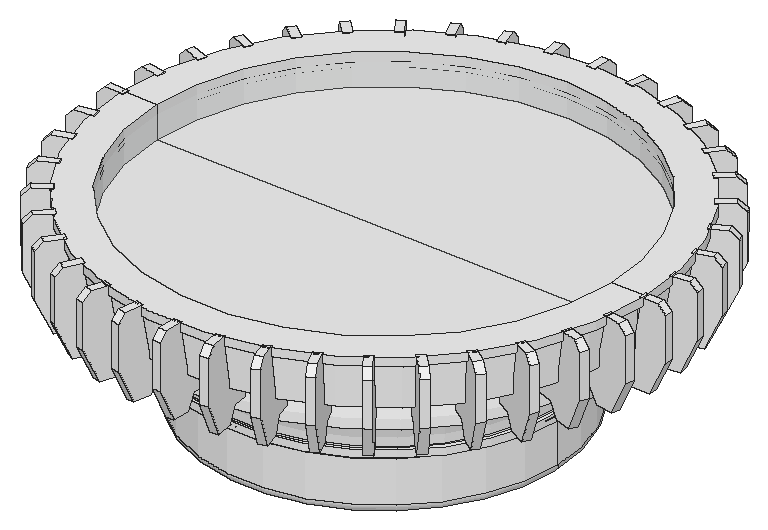
Revit family "HBLHO", category Lighting Fixtures, host Face, Revit 2021
Family settings
  Host = Face
  Round Connector Dimension = Use Diameter
  Part Type = Normal
  OmniClass Number = 23.80.70.14.14
  OmniClass Title = Exterior Floodlights
  Cut with Voids When Loaded = No
  Light Source = Yes
  Shared = No
  Room Calculation Point = No
Parameters
  Wattage Comments = "169W"  # constant formula
  Wattage = 112 W
  Watt = 169 W  # constant formula
  Warranty = "5 Year Warranty"
  built-in parameter 1150110 = 1 (stored number, unit not read)
  Voltage = 120 V
  URL = "https://www.currentlighting.com/columbialighting"
  built-in parameter 1114217 = 1 (stored number, unit not read)
  Tilt Angle = -90.00°
  built-in parameter 1150109 = 1 (stored number, unit not read)
  built-in parameter 1150134 = 2
  built-in parameter 1150113 = 1 (stored number, unit not read)
  Product Page URL = ""
  Product Documentation Link = ""
  Power Factor = 1
  Photometric Web File = "HBLHO72LUA25KN070WH.ies"
  Optics = "Narrow"
  Mounting Type = "Pendant, Wall, Ceiling, Stanchion, Cone"  # constant formula
  Model = "HBLHO"  # constant formula
  Material Finish = Paint -  White Texture
  Manufacturer = "Columbia Lighting"  # constant formula
  built-in parameter 1150105 = 811.05 (stored number, unit not read)
  Lumens = 10192 lm
  built-in parameter 1150115 = 1 (stored number, unit not read)
  Load Classification = Lighting
  built-in parameter 1150137 = (empty or 0)
  built-in parameter 1150139 = (empty or 0)
  built-in parameter 1150112 = 1 (stored number, unit not read)
  built-in parameter 1150114 = 1 (stored number, unit not read)
  Lamp = "LED"
  built-in parameter 1150132 = (empty or 0)
  built-in parameter 1150102 = (empty or 0)
  built-in parameter 1150107 = 5000 (stored number, unit not read)
  built-in parameter 1150138 = (empty or 0)
  built-in parameter 1150106 = 8.1105 (stored number, unit not read)
  IP Rating = "IP56"  # constant formula
  Glass = Glass
  Fastners = Paint -Light Silver
  Environmental Conditions = "Corrosive, Damp Location, Wet Location"  # constant formula
  Emit from Circle Diameter = 11.000"
  Emit Shape Visible in Rendering = no
  built-in parameter 1150104 = 8.4542 (stored number, unit not read)
  Dimming Protocol = "0-10V"
  Dimming Lamp Color Temperature Shift = <None>
  Description = "The HBLHO LED High Bay is designed to efficiently light any large interior space such as heavy industrial settings, warehouses, gyms, churches, swimming pools/natatorium and shopping malls."  # constant formula
  Default Elevation = 48.000"
  Contact us = ""
  Color Filter = 16777215
  Certification = "UL Sanitation certified per NSF standards,CSA,Wet Listed,Damp Listed,IP Rated,Food Processing (NSF)"  # constant formula
  built-in parameter 1114218 = 1 (stored number, unit not read)
  built-in parameter 1150133 = 10 (stored number, unit not read)
  Application = "Convention Center, Gymnasiums, Heavy Industrial"  # constant formula
  Apparent Load = Watt / Power Factor  # 169 VA
Reference planes (in)
  plane 1 "Center (Front/Back)": y = 0
  plane 2: z = 0
  plane 3 "Center (Left/Right)": x = 0
  plane 4: z = 8
  plane 5: x = -7
  plane 6: x = 7
  plane 7: y = 1
  plane 8: y = -1
  plane 9: x = -5.5
  plane 10: x = 5.5
  plane 11: z = 13
Dimensions and locks (in)
  plane 4 to plane 2 = 8.000"
  equal spacing: plane 7, plane 1 "Center (Front/Back)", plane 8
  locked: plane 7 to plane 8 at 2
  equal spacing: plane 6, plane 3 "Center (Left/Right)", plane 5, locked at 7 each
  plane 6 to plane 5 = 14.000"
  plane 10 to plane 9 = 11.000"
  aligned and locked: plane 2 to host face
  aligned and locked: level to host face
  aligned and locked: nested 1 to plane 3 "Center (Left/Right)"
  aligned and locked: nested 1 to plane 1 "Center (Front/Back)"
  aligned and locked: plane 3 "Center (Left/Right)" to imposter light
  aligned and locked: imposter light to plane 1 "Center (Front/Back)"
Automatic sketch dimensions
  host sketch curve to host sketch curve = 96.000"  (x2)
Nested families (in)
  nested 1: "KHL" at (0, 0, 7.25) x (-1, 0, 0) z (0, 0, 1), type "KHL"
Connectors (in)
  electrical at (0, 0, 7.25), driven by "Load Classification", driven by "Voltage", driven by "Apparent Load", driven by "Power Factor"
    settings: on nested 1, index 1, voltage 120 V, apparent load 169 VA, apparent load phase1 0 VA, apparent load phase2 0 VA, apparent load phase3 0 VA, power factor 1, load classification "Lighting", number of poles 1, system type 30, power factor state 1, is connector primary yes, connector utility no, sub classification motor no, connector description "Lighting Connector"
Definition of nested family "KHL"
  Parameters
    Wattage Comments = ""
    URL = ""
    Model = ""
    Material Finish = none
    Manufacturer = ""
    Lamp = ""
    IES FILE LINK = ""
    Glass = none
    Description = ""
    Default Elevation = 48.000"
    Apparent Load = 0 VA
  Reference planes (in)
    plane 1 "Center (Front/Back)": y = 0
    plane 2: z = 0
    plane 3 "Center (Left/Right)": x = 0
    plane 4: z = 6
    plane 5: x = -7.25
    plane 6: x = 7.25
    plane 7: x = -5.5
    plane 8: x = 5.5
    plane 9: x = -9
    plane 10: x = 9
    plane 11: y = -9
    plane 12: y = 9
    plane 13: x = -9
    plane 14: x = 9
    plane 15: through (-8.8892, 1.40791, -18.06561) normal (-0.9877, 0.1564, 0)
    plane 16: through (8.8892, -1.40791, -18.06561) normal (-0.9877, 0.1564, 0)
    plane 17: through (-8.55951, 2.78115, -18.06561) normal (-0.9511, 0.309, 0)
    plane 18: through (8.55951, -2.78115, -18.06561) normal (-0.9511, 0.309, 0)
    plane 19: through (-8.01906, 4.08591, -18.06561) normal (-0.891, 0.454, 0)
    plane 20: through (8.01906, -4.08591, -18.06561) normal (-0.891, 0.454, 0)
    plane 21: through (-7.28115, 5.29007, -18.06561) normal (-0.809, 0.5878, 0)
    plane 22: through (7.28115, -5.29007, -18.06561) normal (-0.809, 0.5878, 0)
    plane 23: through (-6.36396, 6.36396, -18.06561) normal (-0.7071, 0.7071, 0)
    plane 24: through (6.36396, -6.36396, -18.06561) normal (-0.7071, 0.7071, 0)
    plane 25: through (-5.29007, 7.28115, -18.06561) normal (-0.5878, 0.809, 0)
    plane 26: through (5.29007, -7.28115, -18.06561) normal (-0.5878, 0.809, 0)
    plane 27: through (-4.08591, 8.01906, -18.06561) normal (-0.454, 0.891, 0)
    plane 28: through (4.08591, -8.01906, -18.06561) normal (-0.454, 0.891, 0)
    plane 29: through (-2.78115, 8.55951, -18.06561) normal (-0.309, 0.9511, 0)
    plane 30: through (2.78115, -8.55951, -18.06561) normal (-0.309, 0.9511, 0)
    plane 31: through (-1.40791, 8.8892, -18.06561) normal (-0.1564, 0.9877, 0)
    plane 32: through (1.40791, -8.8892, -18.06561) normal (-0.1564, 0.9877, 0)
    plane 33: y = 9
    plane 34: y = -9
    plane 35: through (1.40791, 8.8892, -18.06561) normal (0.1564, 0.9877, 0)
    plane 36: through (-1.40791, -8.8892, -18.06561) normal (0.1564, 0.9877, 0)
    plane 37: through (2.78115, 8.55951, -18.06561) normal (0.309, 0.9511, 0)
    plane 38: through (-2.78115, -8.55951, -18.06561) normal (0.309, 0.9511, 0)
    plane 39: through (4.08591, 8.01906, -18.06561) normal (0.454, 0.891, 0)
    plane 40: through (-4.08591, -8.01906, -18.06561) normal (0.454, 0.891, 0)
    plane 41: through (5.29007, 7.28115, -18.06561) normal (0.5878, 0.809, 0)
    plane 42: through (-5.29007, -7.28115, -18.06561) normal (0.5878, 0.809, 0)
    plane 43: through (6.36396, 6.36396, -18.06561) normal (0.7071, 0.7071, 0)
    plane 44: through (-6.36396, -6.36396, -18.06561) normal (0.7071, 0.7071, 0)
    plane 45: through (7.28115, 5.29007, -18.06561) normal (0.809, 0.5878, 0)
    plane 46: through (-7.28115, -5.29007, -18.06561) normal (0.809, 0.5878, 0)
    plane 47: through (8.01906, 4.08591, -18.06561) normal (0.891, 0.454, 0)
    plane 48: through (-8.01906, -4.08591, -18.06561) normal (0.891, 0.454, 0)
    plane 49: through (8.55951, 2.78115, -18.06561) normal (0.9511, 0.309, 0)
    plane 50: through (-8.55951, -2.78115, -18.06561) normal (0.9511, 0.309, 0)
    plane 51: through (8.8892, 1.40791, -18.06561) normal (0.9877, 0.1564, 0)
    plane 52: through (-8.8892, -1.40791, -18.06561) normal (0.9877, 0.1564, 0)
    plane 53: x = 9
    plane 54: x = -9
    plane 55: through (8.8892, -1.40791, -18.06561) normal (0.9877, -0.1564, 0)
    plane 56: through (-8.8892, 1.40791, -18.06561) normal (0.9877, -0.1564, 0)
    plane 57: through (8.55951, -2.78115, -18.06561) normal (0.9511, -0.309, 0)
    plane 58: through (-8.55951, 2.78115, -18.06561) normal (0.9511, -0.309, 0)
    plane 59: through (8.01906, -4.08591, -18.06561) normal (0.891, -0.454, 0)
    plane 60: through (-8.01906, 4.08591, -18.06561) normal (0.891, -0.454, 0)
    plane 61: through (7.28115, -5.29007, -18.06561) normal (0.809, -0.5878, 0)
    plane 62: through (-7.28115, 5.29007, -18.06561) normal (0.809, -0.5878, 0)
    plane 63: through (6.36396, -6.36396, -18.06561) normal (0.7071, -0.7071, 0)
    plane 64: through (-6.36396, 6.36396, -18.06561) normal (0.7071, -0.7071, 0)
    plane 65: through (5.29007, -7.28115, -18.06561) normal (0.5878, -0.809, 0)
    plane 66: through (-5.29007, 7.28115, -18.06561) normal (0.5878, -0.809, 0)
    plane 67: through (4.08591, -8.01906, -18.06561) normal (0.454, -0.891, 0)
    plane 68: through (-4.08591, 8.01906, -18.06561) normal (0.454, -0.891, 0)
    plane 69: through (2.78115, -8.55951, -18.06561) normal (0.309, -0.9511, 0)
    plane 70: through (-2.78115, 8.55951, -18.06561) normal (0.309, -0.9511, 0)
    plane 71: through (1.40791, -8.8892, -18.06561) normal (0.1564, -0.9877, 0)
    plane 72: through (-1.40791, 8.8892, -18.06561) normal (0.1564, -0.9877, 0)
    plane 73: through (-1.40791, -8.8892, -18.06561) normal (-0.1564, -0.9877, 0)
    plane 74: through (1.40791, 8.8892, -18.06561) normal (-0.1564, -0.9877, 0)
    plane 75: through (-2.78115, -8.55951, -18.06561) normal (-0.309, -0.9511, 0)
    plane 76: through (2.78115, 8.55951, -18.06561) normal (-0.309, -0.9511, 0)
    plane 77: through (-4.08591, -8.01906, -18.06561) normal (-0.454, -0.891, 0)
    plane 78: through (4.08591, 8.01906, -18.06561) normal (-0.454, -0.891, 0)
    plane 79: through (-5.29007, -7.28115, -18.06561) normal (-0.5878, -0.809, 0)
    plane 80: through (5.29007, 7.28115, -18.06561) normal (-0.5878, -0.809, 0)
    plane 81: through (-6.36396, -6.36396, -18.06561) normal (-0.7071, -0.7071, 0)
    plane 82: through (6.36396, 6.36396, -18.06561) normal (-0.7071, -0.7071, 0)
    plane 83: through (-7.28115, -5.29007, -18.06561) normal (-0.809, -0.5878, 0)
    plane 84: through (7.28115, 5.29007, -18.06561) normal (-0.809, -0.5878, 0)
    plane 85: through (-8.01906, -4.08591, -18.06561) normal (-0.891, -0.454, 0)
    plane 86: through (8.01906, 4.08591, -18.06561) normal (-0.891, -0.454, 0)
    plane 87: through (-8.55951, -2.78115, -18.06561) normal (-0.9511, -0.309, 0)
    plane 88: through (8.55951, 2.78115, -18.06561) normal (-0.9511, -0.309, 0)
    plane 89: through (-8.8892, -1.40791, -18.06561) normal (-0.9877, -0.1564, 0)
    plane 90: through (8.8892, 1.40791, -18.06561) normal (-0.9877, -0.1564, 0)
  Forms (in)
    Extrusion 1, solid
      sketch origin (0, 0, 0) x (1, 0, 0) y (0, 1, 0)
        loop
          line (-48, 48) -> (-48, -48) -> (48, -48) -> (48, 48) -> (-48, 48)
      from 0 to -12
    Revolve 2, solid, material <- "Material Finish"
      sketch origin (0, 0, 0) x (1, 0, 0) y (0, 0, 1)
        loop
          line (5.5, 0.25) -> (5.5, 1.56868)
          arc (5.5, 1.56868) -> (5.55311, 1.69689) -> (5.68132, 1.75) r 0.18132
          line (5.68132, 1.75) -> (5.79677, 1.75) -> (5.79677, 1.97746) -> (5.6875, 1.97746) -> (5.6875, 2.0276)
          arc (5.6875, 2.0276) -> (6.08214, 2.98036) -> (7.0349, 3.375) r 1.3474
          line (7.0349, 3.375) -> (7.23385, 3.375)
          arc (7.23385, 3.375) -> (7.12959, 3.90778) -> (6.83219, 4.36196) r 1.4134
          line (6.83219, 4.36196) -> (6.83219, 4.43504) -> (8.03125, 4.43504) -> (8.03125, 5.74507) -> (8.28125, 5.74507) -> (8.28125, 6) -> (7.20302, 6) -> (7.20302, 5) -> (0, 5) -> (0, 0) -> (5.25, 0)
          arc (5.25, 0) -> (5.42678, 0.07322) -> (5.5, 0.25) r 0.25
        axis (0, 6) -> (0, 0)
      angle from 0 to 360
    Extrusion 3, solid, material <- "Glass"
      sketch origin (0, 0, 0) x (1, 0, 0) y (0, 1, 0)
        loop
          circle (0, 0) r 7.20302
      from 5.71977 to 5.56262
    Extrusion 4, solid, material <- "Material Finish"
      sketch origin (1.75, 0, 0) x (1, 0, 0) y (0, 0, 1)
        loop
          line (6.42821, 6) -> (6.42821, 5.59247) -> (6.23107, 4.59805) -> (5.43029, 4.59805) -> (5.43029, 3.78903) -> (5.9375, 3.78903) -> (6.1875, 3.35602) -> (6.75, 3.35602) -> (7.25, 4.38117) -> (7.25, 5.75) -> (7, 6) -> (6.42821, 6)
      from 0.125 to -0.125
    Extrusion 5, solid, material <- "Material Finish"
      sketch origin (1.72845, -0.27376, 0) x (0.987688, -0.156434, 0) y (0, 0, 1)
        loop
          line (6.42821, 6) -> (6.42821, 5.59247) -> (6.23107, 4.59805) -> (5.43029, 4.59805) -> (5.43029, 3.78903) -> (5.9375, 3.78903) -> (6.1875, 3.35602) -> (6.75, 3.35602) -> (7.25, 4.38117) -> (7.25, 5.75) -> (7, 6) -> (6.42821, 6)
      from 0.125 to -0.125
    Extrusion 6, solid, material <- "Material Finish"
      sketch origin (1.66435, -0.54078, 0) x (0.951057, -0.309017, 0) y (0, 0, 1)
        loop
          line (6.42821, 6) -> (6.42821, 5.59247) -> (6.23107, 4.59805) -> (5.43029, 4.59805) -> (5.43029, 3.78903) -> (5.9375, 3.78903) -> (6.1875, 3.35602) -> (6.75, 3.35602) -> (7.25, 4.38117) -> (7.25, 5.75) -> (7, 6) -> (6.42821, 6)
      from 0.125 to -0.125
    Extrusion 7, solid, material <- "Material Finish"
      sketch origin (1.55926, -0.79448, 0) x (0.891007, -0.45399, 0) y (0, 0, 1)
        loop
          line (6.42821, 6) -> (6.42821, 5.59247) -> (6.23107, 4.59805) -> (5.43029, 4.59805) -> (5.43029, 3.78903) -> (5.9375, 3.78903) -> (6.1875, 3.35602) -> (6.75, 3.35602) -> (7.25, 4.38117) -> (7.25, 5.75) -> (7, 6) -> (6.42821, 6)
      from 0.125 to -0.125
    Extrusion 8, solid, material <- "Material Finish"
      sketch origin (1.41578, -1.02862, 0) x (0.809017, -0.587785, 0) y (0, 0, 1)
        loop
          line (6.42821, 6) -> (6.42821, 5.59247) -> (6.23107, 4.59805) -> (5.43029, 4.59805) -> (5.43029, 3.78903) -> (5.9375, 3.78903) -> (6.1875, 3.35602) -> (6.75, 3.35602) -> (7.25, 4.38117) -> (7.25, 5.75) -> (7, 6) -> (6.42821, 6)
      from 0.125 to -0.125
    Extrusion 9, solid, material <- "Material Finish"
      sketch origin (1.23744, -1.23744, 0) x (0.707107, -0.707107, 0) y (0, 0, 1)
        loop
          line (6.42821, 6) -> (6.42821, 5.59247) -> (6.23107, 4.59805) -> (5.43029, 4.59805) -> (5.43029, 3.78903) -> (5.9375, 3.78903) -> (6.1875, 3.35602) -> (6.75, 3.35602) -> (7.25, 4.38117) -> (7.25, 5.75) -> (7, 6) -> (6.42821, 6)
      from 0.125 to -0.125
    Extrusion 10, solid, material <- "Material Finish"
      sketch origin (1.02862, -1.41578, 0) x (0.587785, -0.809017, 0) y (0, 0, 1)
        loop
          line (6.42821, 6) -> (6.42821, 5.59247) -> (6.23107, 4.59805) -> (5.43029, 4.59805) -> (5.43029, 3.78903) -> (5.9375, 3.78903) -> (6.1875, 3.35602) -> (6.75, 3.35602) -> (7.25, 4.38117) -> (7.25, 5.75) -> (7, 6) -> (6.42821, 6)
      from 0.125 to -0.125
    Extrusion 11, solid, material <- "Material Finish"
      sketch origin (0.79448, -1.55926, 0) x (0.45399, -0.891007, 0) y (0, 0, 1)
        loop
          line (6.42821, 6) -> (6.42821, 5.59247) -> (6.23107, 4.59805) -> (5.43029, 4.59805) -> (5.43029, 3.78903) -> (5.9375, 3.78903) -> (6.1875, 3.35602) -> (6.75, 3.35602) -> (7.25, 4.38117) -> (7.25, 5.75) -> (7, 6) -> (6.42821, 6)
      from 0.125 to -0.125
    Extrusion 12, solid, material <- "Material Finish"
      sketch origin (0.54078, -1.66435, 0) x (0.309017, -0.951057, 0) y (0, 0, 1)
        loop
          line (6.42821, 6) -> (6.42821, 5.59247) -> (6.23107, 4.59805) -> (5.43029, 4.59805) -> (5.43029, 3.78903) -> (5.9375, 3.78903) -> (6.1875, 3.35602) -> (6.75, 3.35602) -> (7.25, 4.38117) -> (7.25, 5.75) -> (7, 6) -> (6.42821, 6)
      from 0.125 to -0.125
    Extrusion 13, solid, material <- "Material Finish"
      sketch origin (0.27376, -1.72845, 0) x (0.156434, -0.987688, 0) y (0, 0, 1)
        loop
          line (6.42821, 6) -> (6.42821, 5.59247) -> (6.23107, 4.59805) -> (5.43029, 4.59805) -> (5.43029, 3.78903) -> (5.9375, 3.78903) -> (6.1875, 3.35602) -> (6.75, 3.35602) -> (7.25, 4.38117) -> (7.25, 5.75) -> (7, 6) -> (6.42821, 6)
      from 0.125 to -0.125
    Extrusion 14, solid, material <- "Material Finish"
      sketch origin (0, -1.75, 0) x (0, -1, 0) y (0, 0, 1)
        loop
          line (6.42821, 6) -> (6.42821, 5.59247) -> (6.23107, 4.59805) -> (5.43029, 4.59805) -> (5.43029, 3.78903) -> (5.9375, 3.78903) -> (6.1875, 3.35602) -> (6.75, 3.35602) -> (7.25, 4.38117) -> (7.25, 5.75) -> (7, 6) -> (6.42821, 6)
      from 0.125 to -0.125
    Extrusion 15, solid, material <- "Material Finish"
      sketch origin (-0.27376, -1.72845, 0) x (-0.156434, -0.987688, 0) y (0, 0, 1)
        loop
          line (6.42821, 6) -> (6.42821, 5.59247) -> (6.23107, 4.59805) -> (5.43029, 4.59805) -> (5.43029, 3.78903) -> (5.9375, 3.78903) -> (6.1875, 3.35602) -> (6.75, 3.35602) -> (7.25, 4.38117) -> (7.25, 5.75) -> (7, 6) -> (6.42821, 6)
      from 0.125 to -0.125
    Extrusion 16, solid, material <- "Material Finish"
      sketch origin (-0.54078, -1.66435, 0) x (-0.309017, -0.951057, 0) y (0, 0, 1)
        loop
          line (6.42821, 6) -> (6.42821, 5.59247) -> (6.23107, 4.59805) -> (5.43029, 4.59805) -> (5.43029, 3.78903) -> (5.9375, 3.78903) -> (6.1875, 3.35602) -> (6.75, 3.35602) -> (7.25, 4.38117) -> (7.25, 5.75) -> (7, 6) -> (6.42821, 6)
      from 0.125 to -0.125
    Extrusion 17, solid, material <- "Material Finish"
      sketch origin (-0.79448, -1.55926, 0) x (-0.45399, -0.891007, 0) y (0, 0, 1)
        loop
          line (6.42821, 6) -> (6.42821, 5.59247) -> (6.23107, 4.59805) -> (5.43029, 4.59805) -> (5.43029, 3.78903) -> (5.9375, 3.78903) -> (6.1875, 3.35602) -> (6.75, 3.35602) -> (7.25, 4.38117) -> (7.25, 5.75) -> (7, 6) -> (6.42821, 6)
      from 0.125 to -0.125
    Extrusion 18, solid, material <- "Material Finish"
      sketch origin (-1.02862, -1.41578, 0) x (-0.587785, -0.809017, 0) y (0, 0, 1)
        loop
          line (6.42821, 6) -> (6.42821, 5.59247) -> (6.23107, 4.59805) -> (5.43029, 4.59805) -> (5.43029, 3.78903) -> (5.9375, 3.78903) -> (6.1875, 3.35602) -> (6.75, 3.35602) -> (7.25, 4.38117) -> (7.25, 5.75) -> (7, 6) -> (6.42821, 6)
      from 0.125 to -0.125
    Extrusion 19, solid, material <- "Material Finish"
      sketch origin (-1.23744, -1.23744, 0) x (-0.707107, -0.707107, 0) y (0, 0, 1)
        loop
          line (6.42821, 6) -> (6.42821, 5.59247) -> (6.23107, 4.59805) -> (5.43029, 4.59805) -> (5.43029, 3.78903) -> (5.9375, 3.78903) -> (6.1875, 3.35602) -> (6.75, 3.35602) -> (7.25, 4.38117) -> (7.25, 5.75) -> (7, 6) -> (6.42821, 6)
      from 0.125 to -0.125
    Extrusion 20, solid, material <- "Material Finish"
      sketch origin (-1.41578, -1.02862, 0) x (-0.809017, -0.587785, 0) y (0, 0, 1)
        loop
          line (6.42821, 6) -> (6.42821, 5.59247) -> (6.23107, 4.59805) -> (5.43029, 4.59805) -> (5.43029, 3.78903) -> (5.9375, 3.78903) -> (6.1875, 3.35602) -> (6.75, 3.35602) -> (7.25, 4.38117) -> (7.25, 5.75) -> (7, 6) -> (6.42821, 6)
      from 0.125 to -0.125
    Extrusion 21, solid, material <- "Material Finish"
      sketch origin (-1.55926, -0.79448, 0) x (-0.891007, -0.45399, 0) y (0, 0, 1)
        loop
          line (6.42821, 6) -> (6.42821, 5.59247) -> (6.23107, 4.59805) -> (5.43029, 4.59805) -> (5.43029, 3.78903) -> (5.9375, 3.78903) -> (6.1875, 3.35602) -> (6.75, 3.35602) -> (7.25, 4.38117) -> (7.25, 5.75) -> (7, 6) -> (6.42821, 6)
      from 0.125 to -0.125
    Extrusion 22, solid, material <- "Material Finish"
      sketch origin (-1.66435, -0.54078, 0) x (-0.951057, -0.309017, 0) y (0, 0, 1)
        loop
          line (6.42821, 6) -> (6.42821, 5.59247) -> (6.23107, 4.59805) -> (5.43029, 4.59805) -> (5.43029, 3.78903) -> (5.9375, 3.78903) -> (6.1875, 3.35602) -> (6.75, 3.35602) -> (7.25, 4.38117) -> (7.25, 5.75) -> (7, 6) -> (6.42821, 6)
      from 0.125 to -0.125
    Extrusion 23, solid, material <- "Material Finish"
      sketch origin (-1.72845, -0.27376, 0) x (-0.987688, -0.156434, 0) y (0, 0, 1)
        loop
          line (6.42821, 6) -> (6.42821, 5.59247) -> (6.23107, 4.59805) -> (5.43029, 4.59805) -> (5.43029, 3.78903) -> (5.9375, 3.78903) -> (6.1875, 3.35602) -> (6.75, 3.35602) -> (7.25, 4.38117) -> (7.25, 5.75) -> (7, 6) -> (6.42821, 6)
      from 0.125 to -0.125
    Extrusion 24, solid, material <- "Material Finish"
      sketch origin (-1.75, 0, 0) x (-1, 0, 0) y (0, 0, 1)
        loop
          line (6.42821, 6) -> (6.42821, 5.59247) -> (6.23107, 4.59805) -> (5.43029, 4.59805) -> (5.43029, 3.78903) -> (5.9375, 3.78903) -> (6.1875, 3.35602) -> (6.75, 3.35602) -> (7.25, 4.38117) -> (7.25, 5.75) -> (7, 6) -> (6.42821, 6)
      from 0.125 to -0.125
    Extrusion 25, solid, material <- "Material Finish"
      sketch origin (-1.72845, 0.27376, 0) x (-0.987688, 0.156434, 0) y (0, 0, 1)
        loop
          line (6.42821, 6) -> (6.42821, 5.59247) -> (6.23107, 4.59805) -> (5.43029, 4.59805) -> (5.43029, 3.78903) -> (5.9375, 3.78903) -> (6.1875, 3.35602) -> (6.75, 3.35602) -> (7.25, 4.38117) -> (7.25, 5.75) -> (7, 6) -> (6.42821, 6)
      from 0.125 to -0.125
    Extrusion 26, solid, material <- "Material Finish"
      sketch origin (-1.66435, 0.54078, 0) x (-0.951057, 0.309017, 0) y (0, 0, 1)
        loop
          line (6.42821, 6) -> (6.42821, 5.59247) -> (6.23107, 4.59805) -> (5.43029, 4.59805) -> (5.43029, 3.78903) -> (5.9375, 3.78903) -> (6.1875, 3.35602) -> (6.75, 3.35602) -> (7.25, 4.38117) -> (7.25, 5.75) -> (7, 6) -> (6.42821, 6)
      from 0.125 to -0.125
    Extrusion 27, solid, material <- "Material Finish"
      sketch origin (-1.55926, 0.79448, 0) x (-0.891007, 0.45399, 0) y (0, 0, 1)
        loop
          line (6.42821, 6) -> (6.42821, 5.59247) -> (6.23107, 4.59805) -> (5.43029, 4.59805) -> (5.43029, 3.78903) -> (5.9375, 3.78903) -> (6.1875, 3.35602) -> (6.75, 3.35602) -> (7.25, 4.38117) -> (7.25, 5.75) -> (7, 6) -> (6.42821, 6)
      from 0.125 to -0.125
    Extrusion 28, solid, material <- "Material Finish"
      sketch origin (-1.41578, 1.02862, 0) x (-0.809017, 0.587785, 0) y (0, 0, 1)
        loop
          line (6.42821, 6) -> (6.42821, 5.59247) -> (6.23107, 4.59805) -> (5.43029, 4.59805) -> (5.43029, 3.78903) -> (5.9375, 3.78903) -> (6.1875, 3.35602) -> (6.75, 3.35602) -> (7.25, 4.38117) -> (7.25, 5.75) -> (7, 6) -> (6.42821, 6)
      from 0.125 to -0.125
    Extrusion 29, solid, material <- "Material Finish"
      sketch origin (-1.23744, 1.23744, 0) x (-0.707107, 0.707107, 0) y (0, 0, 1)
        loop
          line (6.42821, 6) -> (6.42821, 5.59247) -> (6.23107, 4.59805) -> (5.43029, 4.59805) -> (5.43029, 3.78903) -> (5.9375, 3.78903) -> (6.1875, 3.35602) -> (6.75, 3.35602) -> (7.25, 4.38117) -> (7.25, 5.75) -> (7, 6) -> (6.42821, 6)
      from 0.125 to -0.125
    Extrusion 30, solid, material <- "Material Finish"
      sketch origin (-1.02862, 1.41578, 0) x (-0.587785, 0.809017, 0) y (0, 0, 1)
        loop
          line (6.42821, 6) -> (6.42821, 5.59247) -> (6.23107, 4.59805) -> (5.43029, 4.59805) -> (5.43029, 3.78903) -> (5.9375, 3.78903) -> (6.1875, 3.35602) -> (6.75, 3.35602) -> (7.25, 4.38117) -> (7.25, 5.75) -> (7, 6) -> (6.42821, 6)
      from 0.125 to -0.125
    Extrusion 31, solid, material <- "Material Finish"
      sketch origin (-0.79448, 1.55926, 0) x (-0.45399, 0.891007, 0) y (0, 0, 1)
        loop
          line (6.42821, 6) -> (6.42821, 5.59247) -> (6.23107, 4.59805) -> (5.43029, 4.59805) -> (5.43029, 3.78903) -> (5.9375, 3.78903) -> (6.1875, 3.35602) -> (6.75, 3.35602) -> (7.25, 4.38117) -> (7.25, 5.75) -> (7, 6) -> (6.42821, 6)
      from 0.125 to -0.125
    Extrusion 32, solid, material <- "Material Finish"
      sketch origin (-0.54078, 1.66435, 0) x (-0.309017, 0.951057, 0) y (0, 0, 1)
        loop
          line (6.42821, 6) -> (6.42821, 5.59247) -> (6.23107, 4.59805) -> (5.43029, 4.59805) -> (5.43029, 3.78903) -> (5.9375, 3.78903) -> (6.1875, 3.35602) -> (6.75, 3.35602) -> (7.25, 4.38117) -> (7.25, 5.75) -> (7, 6) -> (6.42821, 6)
      from 0.125 to -0.125
    Extrusion 33, solid, material <- "Material Finish"
      sketch origin (-0.27376, 1.72845, 0) x (-0.156434, 0.987688, 0) y (0, 0, 1)
        loop
          line (6.42821, 6) -> (6.42821, 5.59247) -> (6.23107, 4.59805) -> (5.43029, 4.59805) -> (5.43029, 3.78903) -> (5.9375, 3.78903) -> (6.1875, 3.35602) -> (6.75, 3.35602) -> (7.25, 4.38117) -> (7.25, 5.75) -> (7, 6) -> (6.42821, 6)
      from 0.125 to -0.125
    Extrusion 34, solid, material <- "Material Finish"
      sketch origin (0, 1.75, 0) x (0, 1, 0) y (0, 0, 1)
        loop
          line (6.42821, 6) -> (6.42821, 5.59247) -> (6.23107, 4.59805) -> (5.43029, 4.59805) -> (5.43029, 3.78903) -> (5.9375, 3.78903) -> (6.1875, 3.35602) -> (6.75, 3.35602) -> (7.25, 4.38117) -> (7.25, 5.75) -> (7, 6) -> (6.42821, 6)
      from 0.125 to -0.125
    Extrusion 35, solid, material <- "Material Finish"
      sketch origin (0.27376, 1.72845, 0) x (0.156434, 0.987688, 0) y (0, 0, 1)
        loop
          line (6.42821, 6) -> (6.42821, 5.59247) -> (6.23107, 4.59805) -> (5.43029, 4.59805) -> (5.43029, 3.78903) -> (5.9375, 3.78903) -> (6.1875, 3.35602) -> (6.75, 3.35602) -> (7.25, 4.38117) -> (7.25, 5.75) -> (7, 6) -> (6.42821, 6)
      from 0.125 to -0.125
    Extrusion 36, solid, material <- "Material Finish"
      sketch origin (0.54078, 1.66435, 0) x (0.309017, 0.951057, 0) y (0, 0, 1)
        loop
          line (6.42821, 6) -> (6.42821, 5.59247) -> (6.23107, 4.59805) -> (5.43029, 4.59805) -> (5.43029, 3.78903) -> (5.9375, 3.78903) -> (6.1875, 3.35602) -> (6.75, 3.35602) -> (7.25, 4.38117) -> (7.25, 5.75) -> (7, 6) -> (6.42821, 6)
      from 0.125 to -0.125
    Extrusion 37, solid, material <- "Material Finish"
      sketch origin (0.79448, 1.55926, 0) x (0.45399, 0.891007, 0) y (0, 0, 1)
        loop
          line (6.42821, 6) -> (6.42821, 5.59247) -> (6.23107, 4.59805) -> (5.43029, 4.59805) -> (5.43029, 3.78903) -> (5.9375, 3.78903) -> (6.1875, 3.35602) -> (6.75, 3.35602) -> (7.25, 4.38117) -> (7.25, 5.75) -> (7, 6) -> (6.42821, 6)
      from 0.125 to -0.125
    Extrusion 38, solid, material <- "Material Finish"
      sketch origin (1.02862, 1.41578, 0) x (0.587785, 0.809017, 0) y (0, 0, 1)
        loop
          line (6.42821, 6) -> (6.42821, 5.59247) -> (6.23107, 4.59805) -> (5.43029, 4.59805) -> (5.43029, 3.78903) -> (5.9375, 3.78903) -> (6.1875, 3.35602) -> (6.75, 3.35602) -> (7.25, 4.38117) -> (7.25, 5.75) -> (7, 6) -> (6.42821, 6)
      from 0.125 to -0.125
    Extrusion 39, solid, material <- "Material Finish"
      sketch origin (1.23744, 1.23744, 0) x (0.707107, 0.707107, 0) y (0, 0, 1)
        loop
          line (6.42821, 6) -> (6.42821, 5.59247) -> (6.23107, 4.59805) -> (5.43029, 4.59805) -> (5.43029, 3.78903) -> (5.9375, 3.78903) -> (6.1875, 3.35602) -> (6.75, 3.35602) -> (7.25, 4.38117) -> (7.25, 5.75) -> (7, 6) -> (6.42821, 6)
      from 0.125 to -0.125
    Extrusion 40, solid, material <- "Material Finish"
      sketch origin (1.41578, 1.02862, 0) x (0.809017, 0.587785, 0) y (0, 0, 1)
        loop
          line (6.42821, 6) -> (6.42821, 5.59247) -> (6.23107, 4.59805) -> (5.43029, 4.59805) -> (5.43029, 3.78903) -> (5.9375, 3.78903) -> (6.1875, 3.35602) -> (6.75, 3.35602) -> (7.25, 4.38117) -> (7.25, 5.75) -> (7, 6) -> (6.42821, 6)
      from 0.125 to -0.125
    Extrusion 41, solid, material <- "Material Finish"
      sketch origin (1.55926, 0.79448, 0) x (0.891007, 0.45399, 0) y (0, 0, 1)
        loop
          line (6.42821, 6) -> (6.42821, 5.59247) -> (6.23107, 4.59805) -> (5.43029, 4.59805) -> (5.43029, 3.78903) -> (5.9375, 3.78903) -> (6.1875, 3.35602) -> (6.75, 3.35602) -> (7.25, 4.38117) -> (7.25, 5.75) -> (7, 6) -> (6.42821, 6)
      from 0.125 to -0.125
    Extrusion 42, solid, material <- "Material Finish"
      sketch origin (1.66435, 0.54078, 0) x (0.951057, 0.309017, 0) y (0, 0, 1)
        loop
          line (6.42821, 6) -> (6.42821, 5.59247) -> (6.23107, 4.59805) -> (5.43029, 4.59805) -> (5.43029, 3.78903) -> (5.9375, 3.78903) -> (6.1875, 3.35602) -> (6.75, 3.35602) -> (7.25, 4.38117) -> (7.25, 5.75) -> (7, 6) -> (6.42821, 6)
      from 0.125 to -0.125
    Extrusion 43, solid, material <- "Material Finish"
      sketch origin (1.72845, 0.27376, 0) x (0.987688, 0.156434, 0) y (0, 0, 1)
        loop
          line (6.42821, 6) -> (6.42821, 5.59247) -> (6.23107, 4.59805) -> (5.43029, 4.59805) -> (5.43029, 3.78903) -> (5.9375, 3.78903) -> (6.1875, 3.35602) -> (6.75, 3.35602) -> (7.25, 4.38117) -> (7.25, 5.75) -> (7, 6) -> (6.42821, 6)
      from 0.125 to -0.125
  Lines and regions (in)
    reference lines
      curve 1: line (5.95302, 0, 4.75) -> (0, 0, 4.75)
      curve 2: line (5.95302, 0, 5.92266) -> (5.95302, 0, 4.75)
      curve 3: line (6.59375, 0, 5.37007) -> (6.59375, 0, 5.92266)
      curve 4: line (6.34375, 0, 5.37007) -> (6.59375, 0, 5.37007)
      curve 5: line (6.34375, 0, 4.37254) -> (5.5, 0, 4.37254)
      curve 6: line (6.34375, 0, 4.37254) -> (6.34375, 0, 5.37007)
      curve 7: arc (6.25, 0, 2.75) -> (6.14885, 0, 3.28681) -> (5.85927, 0, 3.75) r 1.47501
      curve 8: line (5.85927, 0, 2.75) -> (6.25, 0, 2.75)
      curve 9: line (5.85927, 0, 2.75) -> (5.85927, 0, 1.75)
      curve 10: line (5.85927, 0, 1.75) -> (4.74529, 0, 1.75)
      curve 11: line (5.85927, 0, 3.75) -> (4.8978, 0, 3.75)
      curve 12: line (5.10824, 0, 5.71977) -> (6.99125, 0, 5.71977)
  Dimensions and locks (in)
    locked: plane 4 to plane 2 at 6
    equal spacing: plane 6, plane 3 "Center (Left/Right)", plane 5
    equal spacing: plane 8, plane 3 "Center (Left/Right)", plane 7, locked at 5.5 each
    plane 4 to plane 2 = 6.000"
    aligned and locked: plane 2 to Extrusion 1
    aligned and locked: level to Extrusion 1
    aligned and locked: Revolve 2 sketch curve to plane 2
    aligned and locked: Extrusion 3 sketch curve to Revolve 2
    aligned and locked: curve 10 to Revolve 2 sketch curve
  Automatic sketch dimensions
    Extrusion 1 sketch curve to Extrusion 1 sketch curve = 96.000"  (x2)
    curve 1 to plane 3 "Center (Left/Right)" = 0.000"
    plane 8 to curve 5 = 0.000"
    plane 8 to curve 10 = 0.75471"
    plane 8 to curve 7 = 0.72501"
    plane 8 to curve 11 = 0.6022"
    plane 8 to curve 12 = 0.39176"
    curve 11 to plane 8 = 0.35927"
    curve 8 to plane 8 = 0.35927"
    curve 2 to plane 4 = 0.07734"
    curve 2 to plane 8 = 0.45302"
    curve 8 to curve 8 = 0.39073"
    curve 1 to curve 6 = 0.39073"
    curve 4 to curve 4 = 0.250"
    plane 6 to curve 12 = 0.25875"
    curve 12 to plane 4 = 0.28023"
    curve 6 to plane 4 = 0.62993"
    curve 2 to curve 4 = 0.62007"
    curve 5 to curve 1 = 0.37746"
    curve 11 to curve 5 = 0.62254"
    curve 9 to curve 8 = 1.000"
    curve 3 to plane 4 = 0.07734"
    Extrusion 4 sketch curve to Extrusion 4 sketch curve = 0.50721"
    Extrusion 4 sketch curve to Extrusion 4 sketch curve = 0.250"  (x3)
    Extrusion 4 sketch curve to Extrusion 4 sketch curve = 0.80078"
    Extrusion 4 sketch curve to Extrusion 4 sketch curve = 0.19714"
    Extrusion 4 sketch curve to Extrusion 4 sketch curve = 0.5625"
    Extrusion 4 sketch curve to Extrusion 4 sketch curve = 0.57179"
    Extrusion 4 sketch curve to Extrusion 4 sketch curve = 0.43301"
    Extrusion 4 sketch curve to Extrusion 4 sketch curve = 1.02515"
    Extrusion 4 sketch curve to Extrusion 4 sketch curve = 0.80901"
    Extrusion 4 sketch curve to Extrusion 4 sketch curve = 0.99442"
    Extrusion 4 sketch curve to Extrusion 4 sketch curve = 0.15753"
    Extrusion 5 sketch curve to Extrusion 5 sketch curve = 0.50721"
    Extrusion 5 sketch curve to Extrusion 5 sketch curve = 0.250"  (x3)
    Extrusion 5 sketch curve to Extrusion 5 sketch curve = 0.80078"
    Extrusion 5 sketch curve to Extrusion 5 sketch curve = 0.19714"
    Extrusion 5 sketch curve to Extrusion 5 sketch curve = 0.5625"
    Extrusion 5 sketch curve to Extrusion 5 sketch curve = 0.57179"
    Extrusion 5 sketch curve to Extrusion 5 sketch curve = 0.43301"
    Extrusion 5 sketch curve to Extrusion 5 sketch curve = 1.02515"
    Extrusion 5 sketch curve to Extrusion 5 sketch curve = 0.80901"
    Extrusion 5 sketch curve to Extrusion 5 sketch curve = 0.99442"
    Extrusion 5 sketch curve to Extrusion 5 sketch curve = 0.15753"
    Extrusion 6 sketch curve to Extrusion 6 sketch curve = 0.50721"
    Extrusion 6 sketch curve to Extrusion 6 sketch curve = 0.250"  (x3)
    Extrusion 6 sketch curve to Extrusion 6 sketch curve = 0.80078"
    Extrusion 6 sketch curve to Extrusion 6 sketch curve = 0.19714"
    Extrusion 6 sketch curve to Extrusion 6 sketch curve = 0.5625"
    Extrusion 6 sketch curve to Extrusion 6 sketch curve = 0.57179"
    Extrusion 6 sketch curve to Extrusion 6 sketch curve = 0.43301"
    Extrusion 6 sketch curve to Extrusion 6 sketch curve = 1.02515"
    Extrusion 6 sketch curve to Extrusion 6 sketch curve = 0.80901"
    Extrusion 6 sketch curve to Extrusion 6 sketch curve = 0.99442"
    Extrusion 6 sketch curve to Extrusion 6 sketch curve = 0.15753"
    Extrusion 7 sketch curve to Extrusion 7 sketch curve = 0.50721"
    Extrusion 7 sketch curve to Extrusion 7 sketch curve = 0.250"  (x3)
    Extrusion 7 sketch curve to Extrusion 7 sketch curve = 0.80078"
    Extrusion 7 sketch curve to Extrusion 7 sketch curve = 0.19714"
    Extrusion 7 sketch curve to Extrusion 7 sketch curve = 0.5625"
    Extrusion 7 sketch curve to Extrusion 7 sketch curve = 0.57179"
    Extrusion 7 sketch curve to Extrusion 7 sketch curve = 0.43301"
    Extrusion 7 sketch curve to Extrusion 7 sketch curve = 1.02515"
    Extrusion 7 sketch curve to Extrusion 7 sketch curve = 0.80901"
    Extrusion 7 sketch curve to Extrusion 7 sketch curve = 0.99442"
    Extrusion 7 sketch curve to Extrusion 7 sketch curve = 0.15753"
    Extrusion 8 sketch curve to Extrusion 8 sketch curve = 0.50721"
    Extrusion 8 sketch curve to Extrusion 8 sketch curve = 0.250"  (x3)
    Extrusion 8 sketch curve to Extrusion 8 sketch curve = 0.80078"
    Extrusion 8 sketch curve to Extrusion 8 sketch curve = 0.19714"
    Extrusion 8 sketch curve to Extrusion 8 sketch curve = 0.5625"
    Extrusion 8 sketch curve to Extrusion 8 sketch curve = 0.57179"
    Extrusion 8 sketch curve to Extrusion 8 sketch curve = 0.43301"
    Extrusion 8 sketch curve to Extrusion 8 sketch curve = 1.02515"
    Extrusion 8 sketch curve to Extrusion 8 sketch curve = 0.80901"
    Extrusion 8 sketch curve to Extrusion 8 sketch curve = 0.99442"
    Extrusion 8 sketch curve to Extrusion 8 sketch curve = 0.15753"
    Extrusion 9 sketch curve to Extrusion 9 sketch curve = 0.50721"
    Extrusion 9 sketch curve to Extrusion 9 sketch curve = 0.250"  (x3)
    Extrusion 9 sketch curve to Extrusion 9 sketch curve = 0.80078"
    Extrusion 9 sketch curve to Extrusion 9 sketch curve = 0.19714"
    Extrusion 9 sketch curve to Extrusion 9 sketch curve = 0.5625"
    Extrusion 9 sketch curve to Extrusion 9 sketch curve = 0.57179"
    Extrusion 9 sketch curve to Extrusion 9 sketch curve = 0.43301"
    Extrusion 9 sketch curve to Extrusion 9 sketch curve = 1.02515"
    Extrusion 9 sketch curve to Extrusion 9 sketch curve = 0.80901"
    Extrusion 9 sketch curve to Extrusion 9 sketch curve = 0.99442"
    Extrusion 9 sketch curve to Extrusion 9 sketch curve = 0.15753"
    Extrusion 10 sketch curve to Extrusion 10 sketch curve = 0.50721"
    Extrusion 10 sketch curve to Extrusion 10 sketch curve = 0.250"  (x3)
    Extrusion 10 sketch curve to Extrusion 10 sketch curve = 0.80078"
    Extrusion 10 sketch curve to Extrusion 10 sketch curve = 0.19714"
    Extrusion 10 sketch curve to Extrusion 10 sketch curve = 0.5625"
    Extrusion 10 sketch curve to Extrusion 10 sketch curve = 0.57179"
    Extrusion 10 sketch curve to Extrusion 10 sketch curve = 0.43301"
    Extrusion 10 sketch curve to Extrusion 10 sketch curve = 1.02515"
    Extrusion 10 sketch curve to Extrusion 10 sketch curve = 0.80901"
    Extrusion 10 sketch curve to Extrusion 10 sketch curve = 0.99442"
    Extrusion 10 sketch curve to Extrusion 10 sketch curve = 0.15753"
    Extrusion 11 sketch curve to Extrusion 11 sketch curve = 0.50721"
    Extrusion 11 sketch curve to Extrusion 11 sketch curve = 0.250"  (x3)
    Extrusion 11 sketch curve to Extrusion 11 sketch curve = 0.80078"
    Extrusion 11 sketch curve to Extrusion 11 sketch curve = 0.19714"
    Extrusion 11 sketch curve to Extrusion 11 sketch curve = 0.5625"
    Extrusion 11 sketch curve to Extrusion 11 sketch curve = 0.57179"
    Extrusion 11 sketch curve to Extrusion 11 sketch curve = 0.43301"
    Extrusion 11 sketch curve to Extrusion 11 sketch curve = 1.02515"
    Extrusion 11 sketch curve to Extrusion 11 sketch curve = 0.80901"
    Extrusion 11 sketch curve to Extrusion 11 sketch curve = 0.99442"
    Extrusion 11 sketch curve to Extrusion 11 sketch curve = 0.15753"
    Extrusion 12 sketch curve to Extrusion 12 sketch curve = 0.50721"
    Extrusion 12 sketch curve to Extrusion 12 sketch curve = 0.250"  (x3)
    Extrusion 12 sketch curve to Extrusion 12 sketch curve = 0.80078"
    Extrusion 12 sketch curve to Extrusion 12 sketch curve = 0.19714"
    Extrusion 12 sketch curve to Extrusion 12 sketch curve = 0.5625"
    Extrusion 12 sketch curve to Extrusion 12 sketch curve = 0.57179"
    Extrusion 12 sketch curve to Extrusion 12 sketch curve = 0.43301"
    Extrusion 12 sketch curve to Extrusion 12 sketch curve = 1.02515"
    Extrusion 12 sketch curve to Extrusion 12 sketch curve = 0.80901"
    Extrusion 12 sketch curve to Extrusion 12 sketch curve = 0.99442"
    Extrusion 12 sketch curve to Extrusion 12 sketch curve = 0.15753"
    Extrusion 13 sketch curve to Extrusion 13 sketch curve = 0.50721"
    Extrusion 13 sketch curve to Extrusion 13 sketch curve = 0.250"  (x3)
    Extrusion 13 sketch curve to Extrusion 13 sketch curve = 0.80078"
    Extrusion 13 sketch curve to Extrusion 13 sketch curve = 0.19714"
    Extrusion 13 sketch curve to Extrusion 13 sketch curve = 0.5625"
    Extrusion 13 sketch curve to Extrusion 13 sketch curve = 0.57179"
    Extrusion 13 sketch curve to Extrusion 13 sketch curve = 0.43301"
    Extrusion 13 sketch curve to Extrusion 13 sketch curve = 1.02515"
    Extrusion 13 sketch curve to Extrusion 13 sketch curve = 0.80901"
    Extrusion 13 sketch curve to Extrusion 13 sketch curve = 0.99442"
    Extrusion 13 sketch curve to Extrusion 13 sketch curve = 0.15753"
    Extrusion 14 sketch curve to Extrusion 14 sketch curve = 0.50721"
    Extrusion 14 sketch curve to Extrusion 14 sketch curve = 0.250"  (x3)
    Extrusion 14 sketch curve to Extrusion 14 sketch curve = 0.80078"
    Extrusion 14 sketch curve to Extrusion 14 sketch curve = 0.19714"
    Extrusion 14 sketch curve to Extrusion 14 sketch curve = 0.5625"
    Extrusion 14 sketch curve to Extrusion 14 sketch curve = 0.57179"
    Extrusion 14 sketch curve to Extrusion 14 sketch curve = 0.43301"
    Extrusion 14 sketch curve to Extrusion 14 sketch curve = 1.02515"
    Extrusion 14 sketch curve to Extrusion 14 sketch curve = 0.80901"
    Extrusion 14 sketch curve to Extrusion 14 sketch curve = 0.99442"
    Extrusion 14 sketch curve to Extrusion 14 sketch curve = 0.15753"
    Extrusion 15 sketch curve to Extrusion 15 sketch curve = 0.50721"
    Extrusion 15 sketch curve to Extrusion 15 sketch curve = 0.250"  (x3)
    Extrusion 15 sketch curve to Extrusion 15 sketch curve = 0.80078"
    Extrusion 15 sketch curve to Extrusion 15 sketch curve = 0.19714"
    Extrusion 15 sketch curve to Extrusion 15 sketch curve = 0.5625"
    Extrusion 15 sketch curve to Extrusion 15 sketch curve = 0.57179"
    Extrusion 15 sketch curve to Extrusion 15 sketch curve = 0.43301"
    Extrusion 15 sketch curve to Extrusion 15 sketch curve = 1.02515"
    Extrusion 15 sketch curve to Extrusion 15 sketch curve = 0.80901"
    Extrusion 15 sketch curve to Extrusion 15 sketch curve = 0.99442"
    Extrusion 15 sketch curve to Extrusion 15 sketch curve = 0.15753"
    Extrusion 16 sketch curve to Extrusion 16 sketch curve = 0.50721"
    Extrusion 16 sketch curve to Extrusion 16 sketch curve = 0.250"  (x3)
    Extrusion 16 sketch curve to Extrusion 16 sketch curve = 0.80078"
    Extrusion 16 sketch curve to Extrusion 16 sketch curve = 0.19714"
    Extrusion 16 sketch curve to Extrusion 16 sketch curve = 0.5625"
    Extrusion 16 sketch curve to Extrusion 16 sketch curve = 0.57179"
    Extrusion 16 sketch curve to Extrusion 16 sketch curve = 0.43301"
    Extrusion 16 sketch curve to Extrusion 16 sketch curve = 1.02515"
    Extrusion 16 sketch curve to Extrusion 16 sketch curve = 0.80901"
    Extrusion 16 sketch curve to Extrusion 16 sketch curve = 0.99442"
    Extrusion 16 sketch curve to Extrusion 16 sketch curve = 0.15753"
    Extrusion 17 sketch curve to Extrusion 17 sketch curve = 0.50721"
    Extrusion 17 sketch curve to Extrusion 17 sketch curve = 0.250"  (x3)
    Extrusion 17 sketch curve to Extrusion 17 sketch curve = 0.80078"
    Extrusion 17 sketch curve to Extrusion 17 sketch curve = 0.19714"
    Extrusion 17 sketch curve to Extrusion 17 sketch curve = 0.5625"
    Extrusion 17 sketch curve to Extrusion 17 sketch curve = 0.57179"
    Extrusion 17 sketch curve to Extrusion 17 sketch curve = 0.43301"
    Extrusion 17 sketch curve to Extrusion 17 sketch curve = 1.02515"
    Extrusion 17 sketch curve to Extrusion 17 sketch curve = 0.80901"
    Extrusion 17 sketch curve to Extrusion 17 sketch curve = 0.99442"
    Extrusion 17 sketch curve to Extrusion 17 sketch curve = 0.15753"
    Extrusion 18 sketch curve to Extrusion 18 sketch curve = 0.50721"
    Extrusion 18 sketch curve to Extrusion 18 sketch curve = 0.250"  (x3)
    Extrusion 18 sketch curve to Extrusion 18 sketch curve = 0.80078"
    Extrusion 18 sketch curve to Extrusion 18 sketch curve = 0.19714"
    Extrusion 18 sketch curve to Extrusion 18 sketch curve = 0.5625"
    Extrusion 18 sketch curve to Extrusion 18 sketch curve = 0.57179"
    Extrusion 18 sketch curve to Extrusion 18 sketch curve = 0.43301"
    Extrusion 18 sketch curve to Extrusion 18 sketch curve = 1.02515"
    Extrusion 18 sketch curve to Extrusion 18 sketch curve = 0.80901"
    Extrusion 18 sketch curve to Extrusion 18 sketch curve = 0.99442"
    Extrusion 18 sketch curve to Extrusion 18 sketch curve = 0.15753"
    Extrusion 19 sketch curve to Extrusion 19 sketch curve = 0.50721"
    Extrusion 19 sketch curve to Extrusion 19 sketch curve = 0.250"  (x3)
    Extrusion 19 sketch curve to Extrusion 19 sketch curve = 0.80078"
    Extrusion 19 sketch curve to Extrusion 19 sketch curve = 0.19714"
    Extrusion 19 sketch curve to Extrusion 19 sketch curve = 0.5625"
    Extrusion 19 sketch curve to Extrusion 19 sketch curve = 0.57179"
    Extrusion 19 sketch curve to Extrusion 19 sketch curve = 0.43301"
    Extrusion 19 sketch curve to Extrusion 19 sketch curve = 1.02515"
    Extrusion 19 sketch curve to Extrusion 19 sketch curve = 0.80901"
    Extrusion 19 sketch curve to Extrusion 19 sketch curve = 0.99442"
    Extrusion 19 sketch curve to Extrusion 19 sketch curve = 0.15753"
    Extrusion 20 sketch curve to Extrusion 20 sketch curve = 0.50721"
    Extrusion 20 sketch curve to Extrusion 20 sketch curve = 0.250"  (x3)
    Extrusion 20 sketch curve to Extrusion 20 sketch curve = 0.80078"
    Extrusion 20 sketch curve to Extrusion 20 sketch curve = 0.19714"
    Extrusion 20 sketch curve to Extrusion 20 sketch curve = 0.5625"
    Extrusion 20 sketch curve to Extrusion 20 sketch curve = 0.57179"
    Extrusion 20 sketch curve to Extrusion 20 sketch curve = 0.43301"
    Extrusion 20 sketch curve to Extrusion 20 sketch curve = 1.02515"
    Extrusion 20 sketch curve to Extrusion 20 sketch curve = 0.80901"
    Extrusion 20 sketch curve to Extrusion 20 sketch curve = 0.99442"
    Extrusion 20 sketch curve to Extrusion 20 sketch curve = 0.15753"
    Extrusion 21 sketch curve to Extrusion 21 sketch curve = 0.50721"
    Extrusion 21 sketch curve to Extrusion 21 sketch curve = 0.250"  (x3)
    Extrusion 21 sketch curve to Extrusion 21 sketch curve = 0.80078"
    Extrusion 21 sketch curve to Extrusion 21 sketch curve = 0.19714"
    Extrusion 21 sketch curve to Extrusion 21 sketch curve = 0.5625"
    Extrusion 21 sketch curve to Extrusion 21 sketch curve = 0.57179"
    Extrusion 21 sketch curve to Extrusion 21 sketch curve = 0.43301"
    Extrusion 21 sketch curve to Extrusion 21 sketch curve = 1.02515"
    Extrusion 21 sketch curve to Extrusion 21 sketch curve = 0.80901"
    Extrusion 21 sketch curve to Extrusion 21 sketch curve = 0.99442"
    Extrusion 21 sketch curve to Extrusion 21 sketch curve = 0.15753"
    Extrusion 22 sketch curve to Extrusion 22 sketch curve = 0.50721"
    Extrusion 22 sketch curve to Extrusion 22 sketch curve = 0.250"  (x3)
    Extrusion 22 sketch curve to Extrusion 22 sketch curve = 0.80078"
    Extrusion 22 sketch curve to Extrusion 22 sketch curve = 0.19714"
    Extrusion 22 sketch curve to Extrusion 22 sketch curve = 0.5625"
    Extrusion 22 sketch curve to Extrusion 22 sketch curve = 0.57179"
    Extrusion 22 sketch curve to Extrusion 22 sketch curve = 0.43301"
    Extrusion 22 sketch curve to Extrusion 22 sketch curve = 1.02515"
    Extrusion 22 sketch curve to Extrusion 22 sketch curve = 0.80901"
    Extrusion 22 sketch curve to Extrusion 22 sketch curve = 0.99442"
    Extrusion 22 sketch curve to Extrusion 22 sketch curve = 0.15753"
    Extrusion 23 sketch curve to Extrusion 23 sketch curve = 0.50721"
    Extrusion 23 sketch curve to Extrusion 23 sketch curve = 0.250"  (x3)
    Extrusion 23 sketch curve to Extrusion 23 sketch curve = 0.80078"
    Extrusion 23 sketch curve to Extrusion 23 sketch curve = 0.19714"
    Extrusion 23 sketch curve to Extrusion 23 sketch curve = 0.5625"
    Extrusion 23 sketch curve to Extrusion 23 sketch curve = 0.57179"
    Extrusion 23 sketch curve to Extrusion 23 sketch curve = 0.43301"
    Extrusion 23 sketch curve to Extrusion 23 sketch curve = 1.02515"
    Extrusion 23 sketch curve to Extrusion 23 sketch curve = 0.80901"
    Extrusion 23 sketch curve to Extrusion 23 sketch curve = 0.99442"
    Extrusion 23 sketch curve to Extrusion 23 sketch curve = 0.15753"
    Extrusion 24 sketch curve to Extrusion 24 sketch curve = 0.50721"
    Extrusion 24 sketch curve to Extrusion 24 sketch curve = 0.250"  (x3)
    Extrusion 24 sketch curve to Extrusion 24 sketch curve = 0.80078"
    Extrusion 24 sketch curve to Extrusion 24 sketch curve = 0.19714"
    Extrusion 24 sketch curve to Extrusion 24 sketch curve = 0.5625"
    Extrusion 24 sketch curve to Extrusion 24 sketch curve = 0.57179"
    Extrusion 24 sketch curve to Extrusion 24 sketch curve = 0.43301"
    Extrusion 24 sketch curve to Extrusion 24 sketch curve = 1.02515"
    Extrusion 24 sketch curve to Extrusion 24 sketch curve = 0.80901"
    Extrusion 24 sketch curve to Extrusion 24 sketch curve = 0.99442"
    Extrusion 24 sketch curve to Extrusion 24 sketch curve = 0.15753"
    Extrusion 25 sketch curve to Extrusion 25 sketch curve = 0.50721"
    Extrusion 25 sketch curve to Extrusion 25 sketch curve = 0.250"  (x3)
    Extrusion 25 sketch curve to Extrusion 25 sketch curve = 0.80078"
    Extrusion 25 sketch curve to Extrusion 25 sketch curve = 0.19714"
    Extrusion 25 sketch curve to Extrusion 25 sketch curve = 0.5625"
    Extrusion 25 sketch curve to Extrusion 25 sketch curve = 0.57179"
    Extrusion 25 sketch curve to Extrusion 25 sketch curve = 0.43301"
    Extrusion 25 sketch curve to Extrusion 25 sketch curve = 1.02515"
    Extrusion 25 sketch curve to Extrusion 25 sketch curve = 0.80901"
    Extrusion 25 sketch curve to Extrusion 25 sketch curve = 0.99442"
    Extrusion 25 sketch curve to Extrusion 25 sketch curve = 0.15753"
    Extrusion 26 sketch curve to Extrusion 26 sketch curve = 0.50721"
    Extrusion 26 sketch curve to Extrusion 26 sketch curve = 0.250"  (x3)
    Extrusion 26 sketch curve to Extrusion 26 sketch curve = 0.80078"
    Extrusion 26 sketch curve to Extrusion 26 sketch curve = 0.19714"
    Extrusion 26 sketch curve to Extrusion 26 sketch curve = 0.5625"
    Extrusion 26 sketch curve to Extrusion 26 sketch curve = 0.57179"
    Extrusion 26 sketch curve to Extrusion 26 sketch curve = 0.43301"
    Extrusion 26 sketch curve to Extrusion 26 sketch curve = 1.02515"
    Extrusion 26 sketch curve to Extrusion 26 sketch curve = 0.80901"
    Extrusion 26 sketch curve to Extrusion 26 sketch curve = 0.99442"
    Extrusion 26 sketch curve to Extrusion 26 sketch curve = 0.15753"
    Extrusion 27 sketch curve to Extrusion 27 sketch curve = 0.50721"
    Extrusion 27 sketch curve to Extrusion 27 sketch curve = 0.250"  (x3)
    Extrusion 27 sketch curve to Extrusion 27 sketch curve = 0.80078"
    Extrusion 27 sketch curve to Extrusion 27 sketch curve = 0.19714"
    Extrusion 27 sketch curve to Extrusion 27 sketch curve = 0.5625"
    Extrusion 27 sketch curve to Extrusion 27 sketch curve = 0.57179"
    Extrusion 27 sketch curve to Extrusion 27 sketch curve = 0.43301"
    Extrusion 27 sketch curve to Extrusion 27 sketch curve = 1.02515"
    Extrusion 27 sketch curve to Extrusion 27 sketch curve = 0.80901"
    Extrusion 27 sketch curve to Extrusion 27 sketch curve = 0.99442"
    Extrusion 27 sketch curve to Extrusion 27 sketch curve = 0.15753"
    Extrusion 28 sketch curve to Extrusion 28 sketch curve = 0.50721"
    Extrusion 28 sketch curve to Extrusion 28 sketch curve = 0.250"  (x3)
    Extrusion 28 sketch curve to Extrusion 28 sketch curve = 0.80078"
    Extrusion 28 sketch curve to Extrusion 28 sketch curve = 0.19714"
    Extrusion 28 sketch curve to Extrusion 28 sketch curve = 0.5625"
    Extrusion 28 sketch curve to Extrusion 28 sketch curve = 0.57179"
    Extrusion 28 sketch curve to Extrusion 28 sketch curve = 0.43301"
    Extrusion 28 sketch curve to Extrusion 28 sketch curve = 1.02515"
    Extrusion 28 sketch curve to Extrusion 28 sketch curve = 0.80901"
    Extrusion 28 sketch curve to Extrusion 28 sketch curve = 0.99442"
    Extrusion 28 sketch curve to Extrusion 28 sketch curve = 0.15753"
    Extrusion 29 sketch curve to Extrusion 29 sketch curve = 0.50721"
    Extrusion 29 sketch curve to Extrusion 29 sketch curve = 0.250"  (x3)
    Extrusion 29 sketch curve to Extrusion 29 sketch curve = 0.80078"
    Extrusion 29 sketch curve to Extrusion 29 sketch curve = 0.19714"
    Extrusion 29 sketch curve to Extrusion 29 sketch curve = 0.5625"
    Extrusion 29 sketch curve to Extrusion 29 sketch curve = 0.57179"
    Extrusion 29 sketch curve to Extrusion 29 sketch curve = 0.43301"
    Extrusion 29 sketch curve to Extrusion 29 sketch curve = 1.02515"
    Extrusion 29 sketch curve to Extrusion 29 sketch curve = 0.80901"
    Extrusion 29 sketch curve to Extrusion 29 sketch curve = 0.99442"
    Extrusion 29 sketch curve to Extrusion 29 sketch curve = 0.15753"
    Extrusion 30 sketch curve to Extrusion 30 sketch curve = 0.50721"
    Extrusion 30 sketch curve to Extrusion 30 sketch curve = 0.250"  (x3)
    Extrusion 30 sketch curve to Extrusion 30 sketch curve = 0.80078"
    Extrusion 30 sketch curve to Extrusion 30 sketch curve = 0.19714"
    Extrusion 30 sketch curve to Extrusion 30 sketch curve = 0.5625"
    Extrusion 30 sketch curve to Extrusion 30 sketch curve = 0.57179"
    Extrusion 30 sketch curve to Extrusion 30 sketch curve = 0.43301"
    Extrusion 30 sketch curve to Extrusion 30 sketch curve = 1.02515"
    Extrusion 30 sketch curve to Extrusion 30 sketch curve = 0.80901"
    Extrusion 30 sketch curve to Extrusion 30 sketch curve = 0.99442"
    Extrusion 30 sketch curve to Extrusion 30 sketch curve = 0.15753"
    Extrusion 31 sketch curve to Extrusion 31 sketch curve = 0.50721"
    Extrusion 31 sketch curve to Extrusion 31 sketch curve = 0.250"  (x3)
    Extrusion 31 sketch curve to Extrusion 31 sketch curve = 0.80078"
    Extrusion 31 sketch curve to Extrusion 31 sketch curve = 0.19714"
    Extrusion 31 sketch curve to Extrusion 31 sketch curve = 0.5625"
    Extrusion 31 sketch curve to Extrusion 31 sketch curve = 0.57179"
    Extrusion 31 sketch curve to Extrusion 31 sketch curve = 0.43301"
    Extrusion 31 sketch curve to Extrusion 31 sketch curve = 1.02515"
    Extrusion 31 sketch curve to Extrusion 31 sketch curve = 0.80901"
    Extrusion 31 sketch curve to Extrusion 31 sketch curve = 0.99442"
    Extrusion 31 sketch curve to Extrusion 31 sketch curve = 0.15753"
    Extrusion 32 sketch curve to Extrusion 32 sketch curve = 0.50721"
    Extrusion 32 sketch curve to Extrusion 32 sketch curve = 0.250"  (x3)
    Extrusion 32 sketch curve to Extrusion 32 sketch curve = 0.80078"
    Extrusion 32 sketch curve to Extrusion 32 sketch curve = 0.19714"
    Extrusion 32 sketch curve to Extrusion 32 sketch curve = 0.5625"
    Extrusion 32 sketch curve to Extrusion 32 sketch curve = 0.57179"
    Extrusion 32 sketch curve to Extrusion 32 sketch curve = 0.43301"
    Extrusion 32 sketch curve to Extrusion 32 sketch curve = 1.02515"
    Extrusion 32 sketch curve to Extrusion 32 sketch curve = 0.80901"
    Extrusion 32 sketch curve to Extrusion 32 sketch curve = 0.99442"
    Extrusion 32 sketch curve to Extrusion 32 sketch curve = 0.15753"
    Extrusion 33 sketch curve to Extrusion 33 sketch curve = 0.50721"
    Extrusion 33 sketch curve to Extrusion 33 sketch curve = 0.250"  (x3)
    Extrusion 33 sketch curve to Extrusion 33 sketch curve = 0.80078"
    Extrusion 33 sketch curve to Extrusion 33 sketch curve = 0.19714"
    Extrusion 33 sketch curve to Extrusion 33 sketch curve = 0.5625"
    Extrusion 33 sketch curve to Extrusion 33 sketch curve = 0.57179"
    Extrusion 33 sketch curve to Extrusion 33 sketch curve = 0.43301"
    Extrusion 33 sketch curve to Extrusion 33 sketch curve = 1.02515"
    Extrusion 33 sketch curve to Extrusion 33 sketch curve = 0.80901"
    Extrusion 33 sketch curve to Extrusion 33 sketch curve = 0.99442"
    Extrusion 33 sketch curve to Extrusion 33 sketch curve = 0.15753"
    Extrusion 34 sketch curve to Extrusion 34 sketch curve = 0.50721"
    Extrusion 34 sketch curve to Extrusion 34 sketch curve = 0.250"  (x3)
    Extrusion 34 sketch curve to Extrusion 34 sketch curve = 0.80078"
    Extrusion 34 sketch curve to Extrusion 34 sketch curve = 0.19714"
    Extrusion 34 sketch curve to Extrusion 34 sketch curve = 0.5625"
    Extrusion 34 sketch curve to Extrusion 34 sketch curve = 0.57179"
    Extrusion 34 sketch curve to Extrusion 34 sketch curve = 0.43301"
    Extrusion 34 sketch curve to Extrusion 34 sketch curve = 1.02515"
    Extrusion 34 sketch curve to Extrusion 34 sketch curve = 0.80901"
    Extrusion 34 sketch curve to Extrusion 34 sketch curve = 0.99442"
    Extrusion 34 sketch curve to Extrusion 34 sketch curve = 0.15753"
    Extrusion 35 sketch curve to Extrusion 35 sketch curve = 0.50721"
    Extrusion 35 sketch curve to Extrusion 35 sketch curve = 0.250"  (x3)
    Extrusion 35 sketch curve to Extrusion 35 sketch curve = 0.80078"
    Extrusion 35 sketch curve to Extrusion 35 sketch curve = 0.19714"
    Extrusion 35 sketch curve to Extrusion 35 sketch curve = 0.5625"
    Extrusion 35 sketch curve to Extrusion 35 sketch curve = 0.57179"
    Extrusion 35 sketch curve to Extrusion 35 sketch curve = 0.43301"
    Extrusion 35 sketch curve to Extrusion 35 sketch curve = 1.02515"
    Extrusion 35 sketch curve to Extrusion 35 sketch curve = 0.80901"
    Extrusion 35 sketch curve to Extrusion 35 sketch curve = 0.99442"
    Extrusion 35 sketch curve to Extrusion 35 sketch curve = 0.15753"
    Extrusion 36 sketch curve to Extrusion 36 sketch curve = 0.50721"
    Extrusion 36 sketch curve to Extrusion 36 sketch curve = 0.250"  (x3)
    Extrusion 36 sketch curve to Extrusion 36 sketch curve = 0.80078"
    Extrusion 36 sketch curve to Extrusion 36 sketch curve = 0.19714"
    Extrusion 36 sketch curve to Extrusion 36 sketch curve = 0.5625"
    Extrusion 36 sketch curve to Extrusion 36 sketch curve = 0.57179"
    Extrusion 36 sketch curve to Extrusion 36 sketch curve = 0.43301"
    Extrusion 36 sketch curve to Extrusion 36 sketch curve = 1.02515"
    Extrusion 36 sketch curve to Extrusion 36 sketch curve = 0.80901"
    Extrusion 36 sketch curve to Extrusion 36 sketch curve = 0.99442"
    Extrusion 36 sketch curve to Extrusion 36 sketch curve = 0.15753"
    Extrusion 37 sketch curve to Extrusion 37 sketch curve = 0.50721"
    Extrusion 37 sketch curve to Extrusion 37 sketch curve = 0.250"  (x3)
    Extrusion 37 sketch curve to Extrusion 37 sketch curve = 0.80078"
    Extrusion 37 sketch curve to Extrusion 37 sketch curve = 0.19714"
    Extrusion 37 sketch curve to Extrusion 37 sketch curve = 0.5625"
